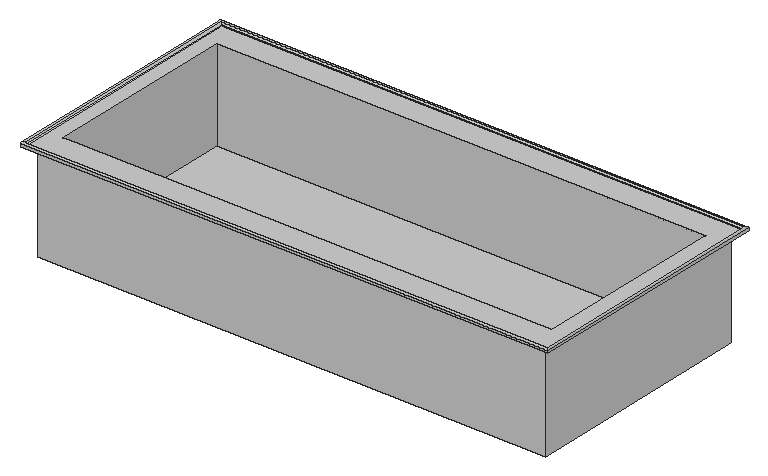
Revit family "QF_VOLLRATH_36434R", category Specialty Equipment, Revit 2016
Family settings
  Part Type = Normal
  Round Connector Dimension = Use Diameter
  OmniClass Number = 23.40.40.14.24.14
  OmniClass Title = Service Line Equipment
  Work Plane-Based = Yes
  Always vertical = Yes
  Cut with Voids When Loaded = Yes
  Shared = No
  Room Calculation Point = No
Parameters (values of type "36434R")
  Weight in Pounds = 0
  Waste Water Discharge Temperature [instance] = 0 °F
  Waste Remarks = ""
  URL Cutsheet = "www.vollrathfoodservice.com/downloads/59738/SPCDrop-inRemoteRefrigNSF7StndrdColdPanL35708en2013-07-30-pdf"
  URL = "www.vollrathfoodservice.com"
  Status [instance] = ""
  Specification by User [instance] = ""
  Specification by Manufacturer = ""
  Serial Number = ""
  Seismic Rating = ""
  SMACNA No = ""
  Revision Code [instance] = ""
  Refrigerant Volume = 0.00 kip
  Refrigerant Type [instance] = "R290"
  Plumbing Remarks [instance] = ""
  Plumbing Connection Type [instance] = ""
  NAFEM Spec ID Number = ""
  Model = "36434R"
  Masterspec = ""
  Manufacturer = "VOLLRATH US"
  Item Number [instance] = ""
  Installed By [instance] = ""
  Identify Quantity as Lot [instance] = no
  Furnished By [instance] = ""
  Foodservice Equipment Identifier [instance] = yes
  Direct Waste Size = 1"
  Direct Waste RI Height = 0"
  Direct Waste Flow = 0 GPM
  Direct Waste Connection Height = 0"
  Description = "FOUR-WELL NSF 7-CERTIFIED REMOTE REFRIGERATED DROP-IN COLD WELL"
  Default Elevation = 0"
  CSI MasterFormat = ""
  BTUH = 3100.0 Btu/h
  Author = ""
  Assembly Code = "E1090320"
Reference planes (in)
  plane 1 "Back": y = 0
  plane 2: z = 0
  plane 3 "Left": x = 0
  plane 4 "Front": y = -26
  plane 5 "Top": z = 0
  plane 6 "Right": x = 54.75
Forms (in)
  Extrusion 1, void
    sketch origin (0, 0, 0) x (1, 0, 0) y (0, 1, 0)
      loop
        line (54.375, -0.375) -> (0.375, -0.375) -> (0.375, -25.625) -> (54.375, -25.625) -> (54.375, -0.375)
    from 3.27425 to -10.375
  Extrusion 2, solid
    sketch origin (0, 0, 0) x (1, 0, 0) y (0, 1, 0)
      loop
        line (54.125, -0.625) -> (0.625, -0.625) -> (0.625, -25.375) -> (54.125, -25.375) -> (54.125, -0.625)
      loop
        line (2, -3.0625) -> (2, -22.9375) -> (52.75, -22.9375) -> (52.75, -3.0625) -> (2, -3.0625)
    from 0 to 0.14643
  Sweep 3, solid
    path origin (0, 0, 0) x (1, 0, 0) y (0, 1, 0)
      loop
        line (0.34375, -0.34375) -> (0.34375, -25.65625) -> (54.40625, -25.65625) -> (54.40625, -0.34375) -> (0.34375, -0.34375)
    profile origin (27.375, -0.34375, 0) x (0, 1, 0) y (0, 0, 1)
      loop
        line (0.34375, 0) -> (0.34375, 0.24548)
        arc (0.34375, 0.24548) -> (0.25632, 0.36797) -> (0.11207, 0.3251) r 0.12952
        line (0.11207, 0.3251) -> (0.00446, 0.18703)
        arc (0.00446, 0.18703) -> (-0.03241, 0.15713) -> (-0.07866, 0.14643) r 0.10539
        line (-0.07866, 0.14643) -> (-0.28125, 0.14643) -> (-0.28125, 0) -> (0.34375, 0)
  Extrusion 4, solid
    sketch origin (0, 0, 0.375) x (1, 0, 0) y (0, 1, 0)
      loop
        line (2, -3.0625) -> (2, -22.9375) -> (52.75, -22.9375) -> (52.75, -3.0625) -> (2, -3.0625)
      loop
        line (1, -1) -> (1, -25) -> (53.75, -25) -> (53.75, -1) -> (1, -1)
    from -10.75 to -0.375
  Extrusion 5, solid
    sketch origin (0, 0, 1) x (1, 0, 0) y (0, 1, 0)
      loop
        line (52.75, -3.0625) -> (2, -3.0625) -> (2, -22.9375) -> (52.75, -22.9375) -> (52.75, -3.0625)
      loop
        circle (27.375, -13) r 0.75
    from -11.375 to -10.305
  Extrusion 6, solid
    sketch origin (14.375, -4, 0) x (1, 0, 0) y (0, 1, 0)
      loop
        circle (13, -9) r 0.5
      loop
        circle (13, -9) r 0.75
    from -9.305 to -10.375
Cuts and joins
  joined: Extrusion 2, Sweep 3, Extrusion 4, Extrusion 5
Lines and regions (in)
  symbolic lines, style "200-EquipBorder-2D"
    curve 1: line (54.75, 0, 0) -> (0, 0, 0)
    curve 2: line (54.75, -26, 0) -> (54.75, 0, 0)
    curve 3: line (0, 0, 0) -> (0, -26, 0)
    curve 8: line (0, -26, 0) -> (54.75, -26, 0)
  symbolic lines, style "200-EquipInternal-2D"
    curve 4: line (52.75, -3.0625, 0) -> (2, -3.0625, 0)
    curve 5: line (52.75, -22.9375, 0) -> (52.75, -3.0625, 0)
    curve 6: line (2, -22.9375, 0) -> (52.75, -22.9375, 0)
    curve 7: line (2, -3.0625, 0) -> (2, -22.9375, 0)
    curve 9: arc (26.875, -13, 0) -> (27.375, -12.5, 0) -> (27.875, -13, 0) r 0.5
    curve 10: arc (27.875, -13, 0) -> (27.375, -13.5, 0) -> (26.875, -13, 0) r 0.5
    curve 11: arc (28.125, -13, 0) -> (27.375, -12.25, 0) -> (26.625, -13, 0) r 0.75
    curve 12: arc (26.625, -13, 0) -> (27.375, -13.75, 0) -> (28.125, -13, 0) r 0.75
Dimensions and locks (in)
  plane 3 "Left" to plane 6 "Right" = 54 3/4"
  plane 4 "Front" to plane 1 "Back" = 26"
  aligned and locked: level to plane 2
Connectors (in)
  piping at (27.375, -13, -10.375), diameter 1, driven by "Direct Waste Flow", driven by "Direct Waste Size"
    settings: on cut or joined group of Extrusion 2, Sweep 3, Extrusion 4, Extrusion 5, index 1, connector inside diameter 24", connector length 0", flow factor 0, pipe flow 0 GPM, pressure drop 0.00 psi, fitting loss kfactor 0, connector angle 0.00°, fixture units 0, engagement length 0", angle of deflection 0.00°, flow configuration 1, flow direction 2, fitting loss method 0, system type 16, joint type 0, gender type 0, connector reference index -1, connector utility 0, adjustable connector no, is connector primary yes, connector description "Drain"
  piping at (50.75, -4, -10.375), diameter 0.3125
    settings: on Extrusion 4, index 2, connector inside diameter 24", connector length 0", flow factor 0, pipe flow 0 GPM, pressure drop 0.00 psi, fitting loss kfactor 0, connector angle 0.00°, fixture units 0, engagement length 0", angle of deflection 0.00°, flow configuration 1, flow direction 1, fitting loss method 0, system type 22, joint type 0, gender type 0, connector reference index -1, connector utility 0, adjustable connector no, is connector primary no, connector description "Refrigeration inlet"
  piping at (49.75, -4, -10.375), diameter 0.3125
    settings: on Extrusion 4, index 3, connector inside diameter 24", connector length 0", flow factor 0, pipe flow 0 GPM, pressure drop 0.00 psi, fitting loss kfactor 0, connector angle 0.00°, fixture units 0, engagement length 0", angle of deflection 0.00°, flow configuration 1, flow direction 2, fitting loss method 0, system type 22, joint type 0, gender type 0, connector reference index -1, connector utility 0, adjustable connector no, is connector primary no, connector description "Refrigeration outlet"
